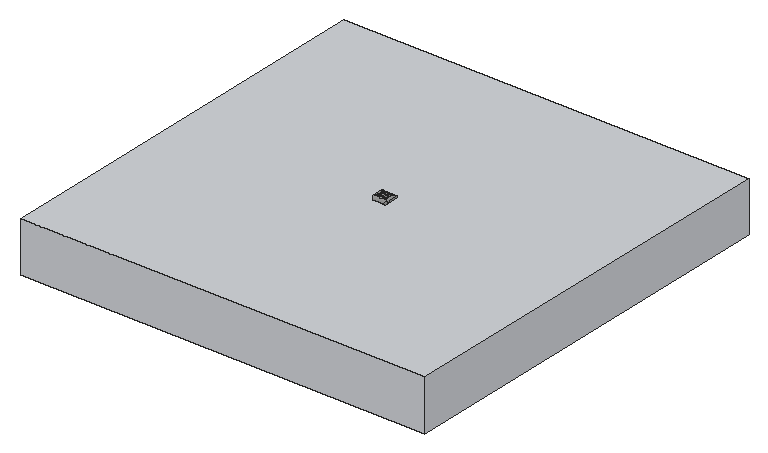
Revit family "BC_URMET_BA-OF-90_LOD400_", category Dispositifs de sécurité, Revit 2017
Family settings
  Hôte = Face
  Conserver l'orientation des annotations = Non
  Cote de connecteur circulaire = Utiliser le diamètre
  Type d'élément = Normal
  Numéro OmniClass = 23.85.30.11
  Titre OmniClass = Access Controls
  Couper avec des vides une fois chargée = Non
  Partagée = Non
  Point de calcul de pièce = Non
Parameters (values of type "BA/OF/90LH")
  Model = "BA/OF/90LH"
  Longueur Hors Tout = 95 mm
  Largeur Hors Tout = 96 mm
  Hauteur bouton = 15 mm
  Fabricant = "Urmet"
  Epaisseur Hors Tout = 24 mm
  Embase = no
  Default Elevation = 1219.2 mm
  Couleur = Urmet-BAOF90LH
  Type Comments = "BA/OF/90LH"
Types (3, lengths in mm): name | Hauteur bouton | Epaisseur Hors Tout | Embase | Type Comments
  (no name) | 15 | 24 | no | "BA/OF/90LH"
  BA/OF/90LH - Embase | 0 | 39 | yes | "BA/OF/90LH - Embase"
  BA/OF/90LH | 15 | 24 | no | "BA/OF/90LH"
Reference planes
  plane 1 "Centre (avant/arrière)": y = 0
  plane 2: z = 0
  plane 3 "Centre (gauche/droite)": x = 0
  plane 4 "bouton": z = -15
Forms (mm)
  Extrusion 1, solid
    sketch origin (0, 0, 0) x (1, 0, 0) y (0, 1, 0)
      loop
        line (-1219.2, 1219.2) -> (-1219.2, -1219.2) -> (1219.2, -1219.2) -> (1219.2, 1219.2) -> (-1219.2, 1219.2)
    from 0 to -304.8
  Sweep 2, solid, material "Urmet-BAOF90LH" <- "Couleur", visible <- "Embase"
    path origin (0, 0, 0) x (1, 0, 0) y (0, 1, 0)
      loop
        arc (-40.5, 48) -> (-45.45, 45.95) -> (-47.5, 41) r 7
        line (-47.5, 41) -> (-47.5, -27)
        arc (-47.5, -27) -> (-41.349, -41.849) -> (-26.5, -48) r 21
        line (-26.5, -48) -> (26.5, -48)
        arc (26.5, -48) -> (41.349, -41.849) -> (47.5, -27) r 21
        line (47.5, -27) -> (47.5, 41)
        arc (47.5, 41) -> (45.45, 45.95) -> (40.5, 48) r 7
        line (40.5, 48) -> (-40.5, 48)
    profile origin (0, 48, 0) x (0, 1, 0) y (0, 0, 1)
      loop
        arc (-1.456, 16.502) -> (-1.631, 16.857) -> (-2, 17) r 0.546
        line (-2, 17) -> (-3.307, 17) -> (-1.807, 0) -> (0, 0) -> (-1.456, 16.502)
Dimensions and locks
  "Hauteur bouton": plane 2 to plane 4 "bouton"
  aligned and locked: plane 2 to Extrusion 1
  aligned and locked: level to Extrusion 1
  aligned and locked: nested 1 to plane 3 "Centre (gauche/droite)"
  aligned and locked: plane 1 "Centre (avant/arrière)" to nested 1
Automatic sketch dimensions
  Extrusion 1 sketch curve to Extrusion 1 sketch curve = 2438.4 mm  (x2)
  Sweep 2 sketch curve to plane 3 "Centre (gauche/droite)" = 47.5 mm
  Sweep 2 sketch curve to Sweep 2 sketch curve = 7 mm
  Sweep 2 sketch curve to Sweep 2 sketch curve = 21 mm  (x2)
  plane 3 "Centre (gauche/droite)" to Sweep 2 sketch curve = 26.5 mm
  plane 3 "Centre (gauche/droite)" to Sweep 2 sketch curve = 40.5 mm
  plane 1 "Centre (avant/arrière)" to Sweep 2 sketch curve = 48 mm
  Sweep 2 sketch curve to plane 1 "Centre (avant/arrière)" = 41 mm
  Sweep 2 sketch curve to profile plane = 0 mm  (x2)
  profile plane to Sweep 2 sketch curve = 1.456 mm
  profile plane to Sweep 2 sketch curve = 1.807 mm
  Sweep 2 sketch curve to Sweep 2 sketch curve = 0.543 mm
  Sweep 2 sketch curve to Sweep 2 sketch curve = 1.307 mm
  profile plane to Sweep 2 sketch curve = 16.454 mm
  Sweep 2 sketch curve to Sweep 2 sketch curve = 0.048 mm
Nested families
  nested 1: "BAOF90-embedded" at (0, 0, -15), type "BA/OF/90-embedded"
Connectors
  electrical at (0, 3.5, 0)
    settings: on nested 1, index 2, voltage 0 V, apparent load 0 VA, apparent load phase1 0 VA, apparent load phase2 0 VA, apparent load phase3 0 VA, power factor 1, load classification "Autre", number of poles 1, system type 31, power factor state 1, is connector primary yes, connector utility no, sub classification motor no, connector description ""
  electrical at (0, 0, 19.358)
    settings: on nested 1, index 3, voltage 0 V, apparent load 0 VA, apparent load phase1 0 VA, apparent load phase2 0 VA, apparent load phase3 0 VA, power factor 1, load classification "Autre", number of poles 1, system type 10, power factor state 1, is connector primary no, connector utility no, sub classification motor no, connector description ""
Definition of nested family "BAOF90-embedded"
  Parameters (values of type "BA/OF/90-embedded")
    Longueur Hors Tout = 95 mm
    Largeur Hors Tout = 96 mm
    Epaisseur Hors Tout = 39 mm
    Embase = yes
    Default Elevation = 1219.2 mm
    Couleur = none
  Reference planes
    plane 1 "Centre (avant/arrière)": y = 0
    plane 2: z = 0
    plane 3 "Centre (gauche/droite)": x = 0
    plane 4: y = 48
    plane 5: y = -48
    plane 6: x = -47.5
    plane 7: x = 47.5
  Forms (mm)
    Extrusion 1, solid
      sketch origin (0, 0, 0) x (1, 0, 0) y (0, 1, 0)
        loop
          line (-1219.2, 1219.2) -> (-1219.2, -1219.2) -> (1219.2, -1219.2) -> (1219.2, 1219.2) -> (-1219.2, 1219.2)
      from 0 to -304.8
    Extrusion 2, solid, material <- "Couleur"
      sketch origin (0, 0, 0) x (0, 1, 0) y (0, 0, 1)
        loop
          arc (43.892, 15) -> (39.299, 26.93) -> (27.891, 32.7) r 17.79
          arc (27.891, 32.7) -> (0.006, 34.1) -> (-27.88, 32.701) r 278.564
          arc (-27.88, 32.701) -> (-39.294, 26.934) -> (-43.89, 15) r 17.791
          line (-43.89, 15) -> (43.892, 15)
      from -44.193 to 44.193
    Extrusion 3, void
      sketch origin (0, 0, 0) x (1, 0, 0) y (0, 0, 1)
        loop
          line (-44.193, 15) -> (-44.193, 27)
          spline (-44.193, 27) -> (-43.921, 28.134) -> (-43.43, 29.169) -> (-42.721, 30.106) -> (-41.793, 30.944) -> (-40.646, 31.684) -> (-39.28, 32.325) -> (-37.696, 32.867) -> (-35.893, 33.311) -> (-33.871, 33.656) -> (-31.63, 33.903) -> (-29.171, 34.05) -> (-26.493, 34.1)
          arc (-26.493, 34.1) -> (0, 32.757) -> (26.493, 34.1) r 262.016
          spline (26.493, 34.1) -> (29.171, 34.05) -> (31.63, 33.903) -> (33.871, 33.656) -> (35.893, 33.311) -> (37.696, 32.867) -> (39.28, 32.325) -> (40.646, 31.684) -> (41.793, 30.944) -> (42.721, 30.106) -> (43.43, 29.169) -> (43.921, 28.134) -> (44.193, 27)
          line (44.193, 27) -> (44.193, 15) -> (47.5, 15) -> (47.5, 36.773) -> (-47.5, 36.773) -> (-47.5, 15) -> (-44.193, 15)
      from -58.237 to 67.063
    Extrusion 4, void
      sketch origin (0, 0, 0) x (1, 0, 0) y (0, 1, 0)
        loop
          arc (26.5, -44.693) -> (39.011, -39.511) -> (44.193, -27) r 17.693
          line (44.193, -27) -> (44.193, 41)
          arc (44.193, 41) -> (43.111, 43.611) -> (40.5, 44.693) r 3.693
          line (40.5, 44.693) -> (-40.5, 44.693)
          arc (-40.5, 44.693) -> (-43.111, 43.611) -> (-44.193, 41) r 3.693
          line (-44.193, 41) -> (-44.193, -27)
          arc (-44.193, -27) -> (-39.011, -39.511) -> (-26.5, -44.693) r 17.693
          line (-26.5, -44.693) -> (26.5, -44.693)
        loop
          arc (-57.5, -37) -> (-51.349, -51.849) -> (-36.5, -58) r 21
          line (-36.5, -58) -> (36.5, -58)
          arc (36.5, -58) -> (51.349, -51.849) -> (57.5, -37) r 21
          line (57.5, -37) -> (57.5, 51)
          arc (57.5, 51) -> (55.45, 55.95) -> (50.5, 58) r 7
          line (50.5, 58) -> (-50.5, 58)
          arc (-50.5, 58) -> (-55.45, 55.95) -> (-57.5, 51) r 7
          line (-57.5, 51) -> (-57.5, -37)
      from 15 to 37.599
    Revolve 5, solid, material <- "Couleur"
      sketch origin (0, 0, 0) x (1, 0, 0) y (0, 0, 1)
        loop
          line (0, 29.026) -> (0, 33.492) -> (-17.685, 33.492) -> (-17.685, 34.358) -> (-25.738, 34.358) -> (-27.881, 32.215)
          arc (-27.881, 32.215) -> (-14.013, 29.988) -> (0, 29.026) r 154.849
        axis (0, 34.358) -> (0, 29.026)
      angle from 0 to 360
    Revolve 6, solid, material <- "Couleur"
      sketch origin (0, 0, 0) x (1, 0, 0) y (0, 0, 1)
        loop
          arc (0, 39) -> (-8.867, 38.279) -> (-17.5, 36.133) r 54.845
          line (-17.5, 36.133) -> (-17.5, 33.507) -> (0, 33.507) -> (0, 39)
        axis (0, 39) -> (0, 33.507)
      angle from 0 to 360
  Cuts and joins
    Extrusion 3, Extrusion 4 cuts Extrusion 2
  Lines and regions (mm)
    Split face 1
      outline origin (0, 0, 34.358) x (0, 1, 0) y (-1, 0, 0)
        loop
          line (17.451, 12.949) -> (16.874, 12.372)
          arc (16.874, 12.372) -> (16.558, 11.706) -> (16.733, 10.99) r 1.1
          arc (16.733, 10.99) -> (18.38, 7.933) -> (19.475, 4.636) r 20.019
          arc (19.475, 4.636) -> (19.859, 4.034) -> (20.534, 3.8) r 1.089
          line (20.534, 3.8) -> (21.566, 4.043)
          arc (21.566, 4.043) -> (22.251, 4.537) -> (22.384, 5.37) r 1.1
          arc (22.384, 5.37) -> (21.092, 9.22) -> (19.144, 12.782) r 23.019
          arc (19.144, 12.782) -> (18.337, 13.266) -> (17.451, 12.949) r 1.1
    Split face 2
      outline origin (0, 0, 34.358) x (0, 1, 0) y (-1, 0, 0)
        loop
          arc (23.019, 0) -> (22.988, 1.202) -> (22.894, 2.4) r 23.019
          arc (22.894, 2.4) -> (22.454, 3.187) -> (21.58, 3.409) r 1.141
          line (21.58, 3.409) -> (20.789, 3.284)
          arc (20.789, 3.284) -> (20.117, 2.884) -> (19.905, 2.13) r 1.054
          arc (19.905, 2.13) -> (19.991, 1.067) -> (20.019, 0) r 20.019
          arc (20.019, 0) -> (19.991, -1.067) -> (19.905, -2.13) r 20.019
          arc (19.905, -2.13) -> (20.117, -2.884) -> (20.789, -3.284) r 1.054
          line (20.789, -3.284) -> (21.58, -3.409)
          arc (21.58, -3.409) -> (22.454, -3.187) -> (22.894, -2.4) r 1.141
          arc (22.894, -2.4) -> (22.988, -1.202) -> (23.019, 0) r 23.019
    Split face 3
      outline origin (0, 0, 34.358) x (0, 1, 0) y (-1, 0, 0)
        loop
          arc (22.384, -5.37) -> (22.251, -4.537) -> (21.566, -4.043) r 1.1
          line (21.566, -4.043) -> (20.534, -3.8)
          arc (20.534, -3.8) -> (19.859, -4.034) -> (19.475, -4.636) r 1.089
          arc (19.475, -4.636) -> (18.38, -7.933) -> (16.733, -10.99) r 20.019
          arc (16.733, -10.99) -> (16.558, -11.706) -> (16.874, -12.372) r 1.1
          line (16.874, -12.372) -> (17.451, -12.949)
          arc (17.451, -12.949) -> (18.337, -13.266) -> (19.144, -12.782) r 1.1
          arc (19.144, -12.782) -> (21.092, -9.22) -> (22.384, -5.37) r 23.019
    Split face 4
      outline origin (0, 0, 34.358) x (0, 1, 0) y (-1, 0, 0)
        loop
          line (-17.884, 9.452) -> (-21.638, 11.1) -> (-21.96, 10.367) -> (-20.403, 9.684) -> (-20.725, 8.952)
          arc (-20.725, 8.952) -> (-20.108, 7.37) -> (-18.527, 7.987) r 1.2
          line (-18.527, 7.987) -> (-17.884, 9.452)
    Split face 5
      outline origin (0, 0, 34.358) x (0, 1, 0) y (-1, 0, 0)
        loop
          line (-18.938, 9.041) -> (-19.671, 9.363) -> (-19.992, 8.63)
          arc (-19.992, 8.63) -> (-19.787, 8.103) -> (-19.26, 8.309) r 0.4
          line (-19.26, 8.309) -> (-18.938, 9.041)
    Split face 6
      outline origin (0, 0, 34.358) x (0, 1, 0) y (-1, 0, 0)
        loop
          spline (-19.371, 4.263) -> (-19.347, 4.721) -> (-19.475, 5.182) -> (-19.746, 5.614) -> (-20.14, 5.986) -> (-20.632, 6.274) -> (-21.188, 6.459) -> (-21.769, 6.527) -> (-22.337, 6.474) -> (-22.852, 6.303) -> (-23.28, 6.027) -> (-23.591, 5.664) -> (-23.764, 5.238)
          spline (-23.764, 5.238) -> (-23.787, 4.779) -> (-23.659, 4.319) -> (-23.388, 3.887) -> (-22.994, 3.515) -> (-22.502, 3.226) -> (-21.946, 3.042) -> (-21.365, 2.974) -> (-20.797, 3.027) -> (-20.282, 3.197) -> (-19.855, 3.474) -> (-19.544, 3.837) -> (-19.371, 4.263)
    Split face 7
      outline origin (0, 0, 34.358) x (0, 1, 0) y (-1, 0, 0)
        loop
          spline (-22.983, 5.065) -> (-22.993, 4.869) -> (-22.928, 4.644) -> (-22.772, 4.397) -> (-22.516, 4.156) -> (-22.173, 3.956) -> (-21.773, 3.823) -> (-21.355, 3.774) -> (-20.959, 3.811) -> (-20.625, 3.92) -> (-20.379, 4.079) -> (-20.225, 4.255) -> (-20.152, 4.436)
          spline (-20.152, 4.436) -> (-20.142, 4.631) -> (-20.206, 4.856) -> (-20.362, 5.104) -> (-20.619, 5.344) -> (-20.961, 5.545) -> (-21.361, 5.678) -> (-21.78, 5.727) -> (-22.175, 5.69) -> (-22.509, 5.58) -> (-22.755, 5.422) -> (-22.909, 5.246) -> (-22.983, 5.065)
    Split face 8
      outline origin (0, 0, 34.358) x (0, 1, 0) y (-1, 0, 0)
        loop
          line (-19.838, -0.25) -> (-19.838, 1.6) -> (-24.338, 1.6) -> (-24.338, 0.8) -> (-22.889, 0.8)
          arc (-22.889, 0.8) -> (-22.564, 0.553) -> (-22.715, 0.174) r 0.337
          line (-22.715, 0.174) -> (-24.338, -0.8) -> (-24.338, -1.6) -> (-22.338, -0.4)
          arc (-22.338, -0.4) -> (-21.018, -1.502) -> (-19.838, -0.25) r 1.254
    Split face 9
      outline origin (0, 0, 34.358) x (0, 1, 0) y (-1, 0, 0)
        loop
          line (-20.638, 0.8) -> (-21.467, 0.8) -> (-21.467, -0.4)
          arc (-21.467, -0.4) -> (-21.052, -0.814) -> (-20.638, -0.4) r 0.414
          line (-20.638, -0.4) -> (-20.638, 0.8)
    Split face 10
      outline origin (0, 0, 34.358) x (0, 1, 0) y (-1, 0, 0)
        loop
          line (-20.252, -3.978) -> (-23.867, -4.768) -> (-23.696, -5.549) -> (-20.081, -4.759) -> (-19.868, -5.736) -> (-19.086, -5.566) -> (-19.684, -2.83) -> (-20.465, -3.001) -> (-20.252, -3.978)
    Split face 11
      outline origin (0, 0, 34.358) x (0, 1, 0) y (-1, 0, 0)
        loop
          line (-17.518, -9.291) -> (-18.603, -6.819) -> (-22.723, -8.628) -> (-21.638, -11.1) -> (-20.906, -10.778) -> (-21.669, -9.039) -> (-20.708, -8.617) -> (-19.944, -10.356) -> (-19.212, -10.035) -> (-19.975, -8.295) -> (-19.014, -7.873) -> (-18.25, -9.613) -> (-17.518, -9.291)
  Dimensions and locks
    equal spacing: plane 4, plane 1 "Centre (avant/arrière)", plane 5
    "Largeur Hors Tout": plane 4 to plane 5
    equal spacing: plane 6, plane 3 "Centre (gauche/droite)", plane 7
    "Longueur Hors Tout": plane 6 to plane 7
    aligned and locked: plane 2 to Extrusion 1
    aligned and locked: level to Extrusion 1
    aligned and locked: Revolve 6 sketch curve to plane 3 "Centre (gauche/droite)"
  Automatic sketch dimensions
    Extrusion 1 sketch curve to Extrusion 1 sketch curve = 2438.4 mm  (x2)
    plane 5 to Extrusion 2 sketch curve = 21.901 mm
    plane 1 "Centre (avant/arrière)" to Extrusion 2 sketch curve = 0.002 mm
    Extrusion 2 sketch curve to plane 4 = 21.898 mm
    Extrusion 2 sketch curve to level = 244.465 mm
    level to Extrusion 2 sketch curve = 15 mm
    Extrusion 2 sketch curve to Extrusion 2 sketch curve = 1.78 mm
    Extrusion 2 sketch curve to Extrusion 2 sketch curve = 0 mm
    Extrusion 2 sketch curve to Extrusion 2 sketch curve = 1.789 mm
    plane 6 to Extrusion 4 sketch curve = 3.307 mm
    Extrusion 4 sketch curve to plane 4 = 3.307 mm
    plane 5 to Extrusion 4 sketch curve = 3.307 mm
    plane 6 to Extrusion 4 sketch curve = 21 mm
    Extrusion 4 sketch curve to plane 7 = 21 mm
    Extrusion 4 sketch curve to plane 7 = 7 mm
    Extrusion 4 sketch curve to plane 7 = 3.307 mm
    Extrusion 4 sketch curve to Extrusion 4 sketch curve = 3.693 mm
    Extrusion 4 sketch curve to Extrusion 4 sketch curve = 10 mm  (x7)
    Extrusion 4 sketch curve to plane 6 = 10 mm
    Extrusion 3 sketch curve to plane 6 = 0 mm
    Extrusion 3 sketch curve to plane 3 "Centre (gauche/droite)" = 0 mm
    Extrusion 3 sketch curve to plane 7 = 0 mm
    plane 6 to Extrusion 3 sketch curve = 3.307 mm
    Extrusion 3 sketch curve to Extrusion 3 sketch curve = 3.307 mm
    level to Extrusion 3 sketch curve = 15 mm  (x2)
    Extrusion 3 sketch curve to Extrusion 3 sketch curve = 12 mm  (x2)
    Extrusion 3 sketch curve to Extrusion 3 sketch curve = 9.773 mm
    Extrusion 3 sketch curve to Extrusion 3 sketch curve = 258 mm
    Extrusion 3 sketch curve to Extrusion 3 sketch curve = 17.7 mm  (x2)
    Extrusion 3 sketch curve to Extrusion 3 sketch curve = 7.1 mm
    Split face 1 sketch curve to Split face 1 sketch curve = 0.577 mm  (x4)
    Split face 1 sketch curve to Split face 1 sketch curve = 0.778 mm  (x2)
    Split face 1 sketch curve to Split face 1 sketch curve = 0.78 mm
    Split face 1 sketch curve to Split face 1 sketch curve = 1.032 mm
    Split face 1 sketch curve to Split face 1 sketch curve = 1.089 mm
    Split face 1 sketch curve to Split face 1 sketch curve = 0.225 mm
    Split face 1 sketch curve to Split face 1 sketch curve = 6.958 mm
    Split face 1 sketch curve to Revolve 5 = 16.874 mm
    Split face 1 sketch curve to Split face 1 sketch curve = 2.882 mm
    Split face 1 sketch curve to Split face 1 sketch curve = 3.8 mm
    Split face 1 sketch curve to Split face 1 sketch curve = 0.243 mm
    Split face 2 sketch curve to Split face 2 sketch curve = 0 mm  (x13)
    Split face 2 sketch curve to Revolve 5 = 0 mm
    Split face 2 sketch curve to Split face 2 sketch curve = 20.789 mm
    Split face 2 sketch curve to Split face 2 sketch curve = 0.164 mm  (x2)
    Split face 2 sketch curve to Split face 2 sketch curve = 0.791 mm  (x2)
    Split face 2 sketch curve to Split face 2 sketch curve = 0.805 mm  (x2)
    Split face 2 sketch curve to Split face 2 sketch curve = 0.125 mm  (x2)
    Split face 2 sketch curve to Split face 2 sketch curve = 1.127 mm
    Split face 2 sketch curve to Split face 2 sketch curve = 0.039 mm  (x2)
    Split face 2 sketch curve to Split face 2 sketch curve = 3.284 mm
    Split face 2 sketch curve to Split face 2 sketch curve = 2.243 mm
    Split face 2 sketch curve to Split face 2 sketch curve = 1.041 mm
    Split face 3 sketch curve to Revolve 5 = 16.874 mm
    Split face 3 sketch curve to Split face 3 sketch curve = 0.577 mm  (x4)
    Split face 3 sketch curve to Split face 3 sketch curve = 0.778 mm  (x2)
    Split face 3 sketch curve to Split face 3 sketch curve = 2.882 mm
    Split face 3 sketch curve to Split face 3 sketch curve = 0.78 mm
    Split face 3 sketch curve to Split face 3 sketch curve = 1.032 mm
    Split face 3 sketch curve to Split face 3 sketch curve = 3.8 mm
    Split face 3 sketch curve to Split face 3 sketch curve = 0.243 mm
    Split face 3 sketch curve to Split face 3 sketch curve = 1.089 mm
    Split face 3 sketch curve to Split face 3 sketch curve = 0.225 mm
    Split face 3 sketch curve to Split face 3 sketch curve = 6.958 mm
    Revolve 6 sketch curve to plane 3 "Centre (gauche/droite)" = 0 mm
    Revolve 6 sketch curve to plane 3 "Centre (gauche/droite)" = 17.5 mm
    Revolve 6 sketch curve to level = 15.845 mm
    level to Revolve 6 sketch curve = 33.507 mm
    Revolve 6 sketch curve to Revolve 6 sketch curve = 2.626 mm
    Revolve 6 sketch curve to Revolve 6 sketch curve = 593.755 mm
    Revolve 6 sketch curve to Revolve 6 sketch curve = 2570.058 mm
    Revolve 5 sketch curve to plane 3 "Centre (gauche/droite)" = 0 mm  (x2)
    Revolve 5 sketch curve to Revolve 5 sketch curve = 17.685 mm
    Revolve 5 sketch curve to Revolve 5 sketch curve = 8.053 mm
    Revolve 5 sketch curve to Revolve 5 sketch curve = 2.143 mm  (x2)
    plane 3 "Centre (gauche/droite)" to Revolve 5 sketch curve = 3.585 mm
    level to Revolve 5 sketch curve = 29.026 mm
    Revolve 5 sketch curve to Revolve 5 sketch curve = 3.189 mm
    Revolve 5 sketch curve to Revolve 5 sketch curve = 1.277 mm
    Revolve 5 sketch curve to level = 609.6 mm
    Revolve 5 sketch curve to Revolve 5 sketch curve = 2425.224 mm
    Revolve 5 to Split face 4 sketch curve = 17.884 mm
    Split face 4 sketch curve to Split face 4 sketch curve = 0.643 mm
    Split face 4 sketch curve to Split face 4 sketch curve = 3.754 mm
    Split face 4 sketch curve to Split face 4 sketch curve = 1.099 mm
    Split face 4 sketch curve to Split face 4 sketch curve = 0.482 mm
    Split face 4 sketch curve to Split face 4 sketch curve = 0.322 mm  (x2)
    Split face 4 sketch curve to Split face 4 sketch curve = 0.733 mm
    Revolve 5 to Split face 5 sketch curve = 19.671 mm
    Split face 5 sketch curve to Split face 5 sketch curve = 0.733 mm  (x2)
    Split face 5 sketch curve to Split face 5 sketch curve = 0.322 mm  (x2)
    Split face 5 sketch curve to Split face 5 sketch curve = 0.366 mm
    Revolve 5 to Split face 6 sketch curve = 23.764 mm
    Revolve 5 to Split face 6 sketch curve = 19.371 mm
    Revolve 5 to Split face 8 sketch curve = 21.093 mm
    Split face 8 sketch curve to Split face 8 sketch curve = 1.254 mm
    Split face 8 sketch curve to Split face 8 sketch curve = 1.246 mm
    Split face 8 sketch curve to Split face 8 sketch curve = 2 mm
    Split face 8 sketch curve to Split face 8 sketch curve = 1.2 mm
    Split face 8 sketch curve to Split face 8 sketch curve = 0.8 mm  (x2)
    Split face 8 sketch curve to Split face 8 sketch curve = 0.377 mm
    Split face 8 sketch curve to Split face 8 sketch curve = 0.574 mm
    Split face 8 sketch curve to Split face 8 sketch curve = 0.173 mm
    Split face 8 sketch curve to Split face 8 sketch curve = 0.289 mm
    Split face 8 sketch curve to Split face 8 sketch curve = 1.449 mm
    Revolve 5 to Split face 9 sketch curve = 21.052 mm
    Split face 9 sketch curve to Split face 9 sketch curve = 0.414 mm
    Split face 9 sketch curve to Split face 9 sketch curve = 1.2 mm
    Revolve 5 to Split face 10 sketch curve = 20.252 mm
    Split face 10 sketch curve to Split face 10 sketch curve = 0.213 mm
    Split face 10 sketch curve to Split face 10 sketch curve = 3.615 mm
    Split face 10 sketch curve to Split face 10 sketch curve = 0.79 mm
    Split face 10 sketch curve to Split face 10 sketch curve = 1.166 mm
    Split face 10 sketch curve to Split face 10 sketch curve = 0.782 mm
    Split face 10 sketch curve to Split face 10 sketch curve = 0.171 mm  (x2)
    Revolve 5 to Split face 11 sketch curve = 21.638 mm
    Split face 11 sketch curve to Split face 11 sketch curve = 0.322 mm  (x4)
    Split face 11 sketch curve to Split face 11 sketch curve = 0.764 mm
    Split face 11 sketch curve to Split face 11 sketch curve = 0.733 mm
    Split face 11 sketch curve to Split face 11 sketch curve = 0.411 mm
    Split face 11 sketch curve to Split face 11 sketch curve = 0.422 mm  (x4)
    radius of Split face 1 sketch curve to Revolve 5 = 2.719 mm
    radius of Split face 1 sketch curve to Revolve 5 = 5.719 mm
    radius of Split face 3 sketch curve to Revolve 5 = 2.719 mm
    radius of Split face 3 sketch curve to Revolve 5 = 5.719 mm
